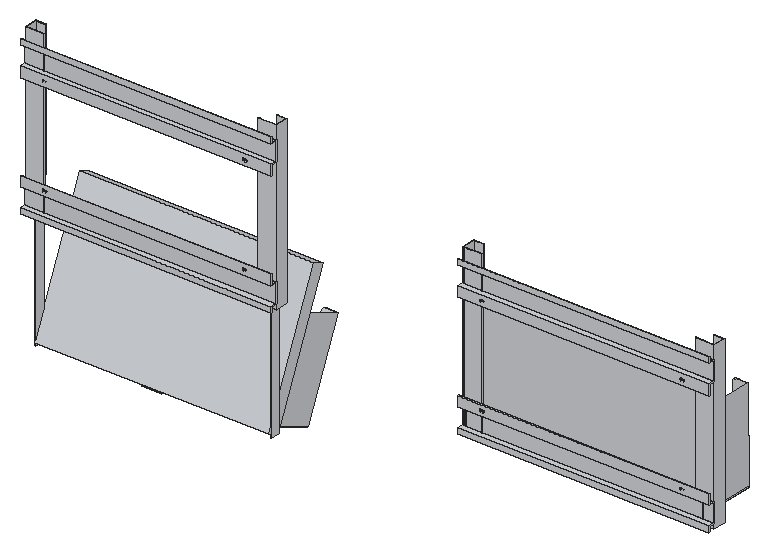
Revit family "AX9094E_0023", category Appareils sanitaires, Revit 2016
Family settings
  Hôte = Mur
  Type d'élément = Normal
  Cote de connecteur circulaire = Utiliser le diamètre
  Numéro OmniClass = 23.75.00.00
  Titre OmniClass = Climate Control (HVAC)
  Toujours verticalement = Oui
  Couper avec des vides une fois chargée = Non
  Partagée = Non
  Point de calcul de pièce = Non
Parameters (values of type "Type 1")
  URL = "https://www.axeuro.com/fr/distributeurs-de-savon-encastres-derriere-le-miroir/25544-distributeur-de-papier-et-distributeur-de-savon-a-encastrer-derriere-un-miroir-ax9094e.html?search_query=ax90&results=13"
  Modèle = "AX9094E"  # constant formula
  Matériaux = "En inox 304 (18/10)"  # constant formula
  Finition = "Brossé Poli Satiné HyperPolish"  # constant formula
  Fabricant = "Axeuro"  # constant formula
  Description = "Combine : distributeur de papier et distributeur de savon"  # constant formula
Reference planes
  plane 1 "Mur": y = 0
  plane 2 "Centre (gauche/droite)": x = 0
  plane 3 "Arrière": y = 75
Forms (mm)
  Extrusion 1, solid
    sketch origin (-128.508, -525.168, -1062.877) x (1, 0, 0) y (0, 0.403028, 0.915188)
      loop
        line (-72.161, 1900.05) -> (-534.501, 1900.05) -> (-534.501, 1622.442) -> (-72.161, 1622.442) -> (-72.161, 1900.05)
    from 18.3 to 42.513
  Extrusion 2, solid
    sketch origin (-248.117, -634.143, -1016.806) x (1, 0, 0) y (0, 0.915188, -0.403028)
      loop
        line (-247.5, 202) -> (-247.5, 100) -> (-217.5, 100) -> (-217.5, 101) -> (-246.5, 101) -> (-246.5, 201) -> (-217.5, 201) -> (-217.5, 202) -> (-247.5, 202)
    from 1630.266 to 1815.266
  Extrusion 3, solid
    sketch origin (-466.117, -634.143, -1016.806) x (-1, 0, 0) y (0, -0.915188, 0.403028)
      loop
        line (-247.5, -202) -> (-217.5, -202) -> (-217.5, -201) -> (-246.5, -201) -> (-246.5, -101) -> (-217.5, -101) -> (-217.5, -100) -> (-247.5, -100) -> (-247.5, -202)
    from 1630.266 to 1815.266
  Extrusion 4, solid
    sketch origin (-453.117, -634.143, -1016.806) x (1, 0, 0) y (0, 0.915188, -0.403028)
      loop
        line (-42.5, 202) -> (-42.5, 100) -> (234.5, 100) -> (234.5, 202) -> (-42.5, 202)
    from 1630.266 to 1631.266
  Extrusion 5, void
    sketch origin (-453.117, -565.504, -1047.033) x (1, 0, 0) y (0, 0.403028, 0.915188)
      loop
        line (212.293, 1815.266) -> (212.293, 1818.897) -> (199.5, 1818.897) -> (199.5, 1807.473) -> (204.5, 1807.473)
        arc (204.5, 1807.473) -> (206.783, 1812.984) -> (212.293, 1815.266) r 7.793
    from -127 to -25
  Extrusion 6, void
    sketch origin (-261.117, -565.504, -1047.033) x (-1, 0, 0) y (0, -0.403028, -0.915188)
      loop
        arc (212.293, -1815.266) -> (206.783, -1812.984) -> (204.5, -1807.473) r 7.793
        line (204.5, -1807.473) -> (199.5, -1807.473) -> (199.5, -1818.897) -> (212.293, -1818.897) -> (212.293, -1815.266)
    from -127 to -25
  Extrusion 7, solid
    sketch origin (-453.117, -565.504, -1047.033) x (1, 0, 0) y (0, 0.403028, 0.915188)
      loop
        line (204.5, 1631.266) -> (204.5, 1645.266) -> (-12.5, 1645.266) -> (-12.5, 1631.266) -> (204.5, 1631.266)
    from -127 to -126
  Extrusion 8, solid
    sketch origin (-472.791, 13, -115) x (0, 1, 0) y (0, 0, 1)
      loop
        line (62, 1091.403) -> (62, 1080.27) -> (74.011, 1080.27) -> (74.011, 1043.363) -> (62, 1043.363) -> (62, 1023.177) -> (63, 1023.177) -> (63, 1042.363) -> (74.787, 1042.363) -> (74.787, 1081.287) -> (63, 1081.287) -> (63, 1091.403) -> (62, 1091.403)
    from -206.545 to 288.448
  Extrusion 9, solid
    sketch origin (-472.791, 13, 1757.62) x (0, 1, 0) y (0, 0, 1)
      loop
        line (62, -1091.403) -> (63, -1091.403) -> (63, -1081.287) -> (74.787, -1081.287) -> (74.787, -1042.363) -> (63, -1042.363) -> (63, -1023.177) -> (62, -1023.177) -> (62, -1043.363) -> (74.011, -1043.363) -> (74.011, -1080.27) -> (62, -1080.27) -> (62, -1091.403)
    from -206.545 to 288.448
  Extrusion 10, solid
    sketch origin (-472.791, -294.398, -245.32) x (0, 0.915188, -0.403028) y (0, 0.403028, 0.915188)
      loop
        line (182.673, 996.87) -> (102, 996.87) -> (102, 869.33) -> (182.673, 869.33) -> (182.673, 996.87)
    from -151.645 to -48.653
  Extrusion 11, solid
    sketch origin (-472.791, -294.398, -245.32) x (1, 0, 0) y (0, 0.915188, -0.403028)
      loop
        circle (-94.158, 150.829) r 21.911
    from 996.934 to 1009.972
  Extrusion 12, solid
    sketch origin (-472.791, -294.398, -245.32) x (0, 0.915188, -0.403028) y (0, 0.403028, 0.915188)
      loop
        line (138.449, 777.269) -> (138.449, 807.147) -> (116.18, 807.147) -> (116.18, 1037.147) -> (100, 1037.147) -> (100, 777.269) -> (138.449, 777.269)
    from -169.773 to -30.488
  Extrusion 13, void
    sketch origin (-472.791, -225.759, -275.547) x (1, 0, 0) y (0, 0.403028, 0.915188)
      loop
        line (-32.488, 779.269) -> (-32.488, 1035.147) -> (-167.773, 1035.147) -> (-167.773, 779.269) -> (-32.488, 779.269)
    from -63.449 to -27
  Extrusion 14, solid
    sketch origin (-472.791, 13, -115) x (1, 0, 0) y (0, 1, 0)
      loop
        line (-206.545, 101) -> (-206.545, 74.787) -> (-169.574, 74.787) -> (-169.574, 75.787) -> (-205.545, 75.787) -> (-205.545, 100) -> (-186.545, 100) -> (-186.545, 101) -> (-206.545, 101)
    from 781.217 to 1107.197
  Extrusion 15, void
    sketch origin (-472.791, 88, -115) x (1, 0, 0) y (0, 0, 1)
      loop
        line (-183.993, 840.915) -> (-201.456, 840.915) -> (-201.456, 792.157) -> (-205.545, 792.157) -> (-205.545, 779.269) -> (-183.993, 779.269) -> (-183.993, 840.915)
    from -27.894 to -0.787
  Extrusion 16, solid
    sketch origin (-390.888, 13, -115) x (-1, 0, 0) y (0, -1, 0)
      loop
        line (-206.545, -101) -> (-186.545, -101) -> (-186.545, -100) -> (-205.545, -100) -> (-205.545, -75.787) -> (-169.574, -75.787) -> (-169.574, -74.787) -> (-206.545, -74.787) -> (-206.545, -101)
    from 781.217 to 1107.197
  Extrusion 17, void
    sketch origin (-390.888, 88, -115) x (-1, 0, 0) y (0, 0, -1)
      loop
        line (-183.993, -840.915) -> (-183.993, -779.269) -> (-205.545, -779.269) -> (-205.545, -792.157) -> (-201.456, -792.157) -> (-201.456, -840.915) -> (-183.993, -840.915)
    from -27.894 to -1
  Extrusion 18, solid
    sketch origin (-472.791, -225.759, -275.547) x (1, 0, 0) y (0, 0.403028, 0.915188)
      loop
        line (-41.688, 866.468) -> (-164.1, 866.468) -> (-164.1, 797.112) -> (-41.688, 797.112) -> (-41.688, 866.468)
    from -105.493 to -27.894
  Extrusion 19, solid
    sketch origin (-472.791, -225.759, -275.547) x (1, 0, 0) y (0, 0.403028, 0.915188)
      loop
        line (-68.238, 797.112) -> (-124.921, 797.112) -> (-124.921, 793.415) -> (-109.288, 793.415) -> (-93.841, 785.173) -> (-68.238, 797.112)
    from -105.493 to -54.671
  Extrusion 20, void
    sketch origin (-472.791, -225.759, -275.547) x (1, 0, 0) y (0, 0.403028, 0.915188)
      loop
        line (-137.189, 850.697) -> (-123.934, 822.272)
        arc (-123.934, 822.272) -> (-119.778, 841.513) -> (-137.189, 850.697) r 16.284
    from -107.828 to -99.857
  Extrusion 21, void
    sketch origin (-740.448, 447.168, 1252.523) x (-1, 0, 0) y (0, -0.403028, -0.915188)
      loop
        line (-137.189, 850.697) -> (-123.934, 822.272)
        arc (-123.934, 822.272) -> (-119.778, 841.513) -> (-137.189, 850.697) r 16.284
    from -107.828 to -99.857
  Extrusion 22, void
    sketch origin (-472.791, -225.759, -275.547) x (1, 0, 0) y (0, 0.403028, 0.915188)
      loop
        circle (-134.065, 834.893) r 22.599
      loop
        circle (-134.065, 834.893) r 23.099
    from -105.493 to -99.857
  Extrusion 23, solid
    sketch origin (-472.791, -294.398, -245.32) x (1, 0, 0) y (0, 0.915188, -0.403028)
      loop
        circle (-93.166, 167.329) r 5.905
      loop
        circle (-93.166, 167.329) r 3.598
    from 782.819 to 789.363
  Extrusion 24, void
    sketch origin (-472.791, -294.398, -245.32) x (1, 0, 0) y (0, 0.915188, -0.403028)
      loop
        line (-167.161, 138.449) -> (-167.161, 108.449) -> (-137.161, 108.449) -> (-137.161, 138.449) -> (-167.161, 138.449)
    from 777.269 to 779.269
  Extrusion 25, solid
    sketch origin (-283.012, -227.941, -280.502) x (1, 0, 0) y (0, 0.403028, 0.915188)
      loop
        line (-273.909, 1033.562) -> (-305.909, 1033.562) -> (-305.909, 1020.562) -> (-273.909, 1020.562) -> (-273.909, 1033.562)
      loop
        line (-275.909, 1031.475) -> (-294.909, 1031.475) -> (-294.909, 1022.476) -> (-275.909, 1022.476) -> (-275.909, 1031.475)
    from -32 to -27
  Extrusion 26, solid
    sketch origin (-485.331, -325.687, -260.41) x (0, 0.915188, -0.403028) y (0, 0.403028, 0.915188)
      loop
        line (125.447, 1029.569) -> (125.447, 1027.569) -> (153.447, 1027.569) -> (153.447, 1020.569) -> (155.447, 1020.569) -> (155.447, 1029.569) -> (125.447, 1029.569)
    from -59.645 to -46.645
  Extrusion 27, solid
    sketch origin (-660.55, -325.687, -260.41) x (0, 0.915188, -0.403028) y (0, -0.403028, -0.915188)
      loop
        line (125.447, -1029.569) -> (155.447, -1029.569) -> (155.447, -1020.569) -> (153.447, -1020.569) -> (153.447, -1027.569) -> (125.447, -1027.569) -> (125.447, -1029.569)
    from -59.645 to -46.645
  Extrusion 28, void
    sketch origin (-357.32, -669.256, -1134.904) x (1, 0, 0) y (0, 0.915188, -0.403028)
      loop
        arc (-115.494, 150) -> (-122.358, 138.752) -> (-115.494, 127.504) r 12.648
        line (-115.494, 127.504) -> (115.494, 127.504)
        arc (115.494, 127.504) -> (122.358, 138.752) -> (115.494, 150) r 12.648
        line (115.494, 150) -> (75.246, 150)
        arc (75.246, 150) -> (61.579, 150.358) -> (47.95, 151.431) r 261.137
        arc (47.95, 151.431) -> (26.164, 166.695) -> (0, 171.504) r 62.43
        arc (0, 171.504) -> (-26.164, 166.695) -> (-47.95, 151.431) r 62.43
        arc (-47.95, 151.431) -> (-61.579, 150.358) -> (-75.246, 150) r 261.137
        line (-75.246, 150) -> (-115.494, 150)
    from 1752.5 to 1753.5
  Extrusion 29, void
    sketch origin (-443.867, 13, -267.718) x (1, 0, 0) y (0, 0, 1)
      loop
        line (-184.46, 1188.488) -> (-189.484, 1188.488)
        arc (-189.484, 1188.488) -> (-191.984, 1185.988) -> (-189.484, 1183.488) r 2.5
        line (-189.484, 1183.488) -> (-184.46, 1183.488)
        arc (-184.46, 1183.488) -> (-181.96, 1185.988) -> (-184.46, 1188.488) r 2.5
    from -63 to -62
  Extrusion 30, void
    sketch origin (-48.867, 13, -267.718) x (1, 0, 0) y (0, 0, 1)
      loop
        line (-184.46, 1188.488) -> (-189.484, 1188.488)
        arc (-189.484, 1188.488) -> (-191.984, 1185.988) -> (-189.484, 1183.488) r 2.5
        line (-189.484, 1183.488) -> (-184.46, 1183.488)
        arc (-184.46, 1183.488) -> (-181.96, 1185.988) -> (-184.46, 1188.488) r 2.5
    from -63 to -62
  Extrusion 31, void
    sketch origin (-443.867, 13, -461.638) x (1, 0, 0) y (0, 0, 1)
      loop
        line (-184.46, 1188.488) -> (-189.484, 1188.488)
        arc (-189.484, 1188.488) -> (-191.984, 1185.988) -> (-189.484, 1183.488) r 2.5
        line (-189.484, 1183.488) -> (-184.46, 1183.488)
        arc (-184.46, 1183.488) -> (-181.96, 1185.988) -> (-184.46, 1188.488) r 2.5
    from -63 to -62
  Extrusion 32, void
    sketch origin (-48.867, 13, -461.638) x (1, 0, 0) y (0, 0, 1)
      loop
        line (-184.46, 1188.488) -> (-189.484, 1188.488)
        arc (-189.484, 1188.488) -> (-191.984, 1185.988) -> (-189.484, 1183.488) r 2.5
        line (-189.484, 1183.488) -> (-184.46, 1183.488)
        arc (-184.46, 1183.488) -> (-181.96, 1185.988) -> (-184.46, 1188.488) r 2.5
    from -63 to -62
  Extrusion 33, void
    sketch origin (-707.228, -330.654, -103.696) x (1, 0, 0) y (0, 0.915188, -0.403028)
      loop
        line (249.885, 185.653) -> (249.885, 170.653) -> (294.885, 170.653) -> (294.885, 185.653) -> (249.885, 185.653)
    from 666.217 to 672.285
  Extrusion 34, solid
    sketch origin (-447.926, -172.447, -173.366) x (1, 0, 0) y (0, 0.403028, 0.915188)
      loop
        line (33.083, 673.285) -> (-6.917, 673.285) -> (-6.917, 662.269) -> (33.083, 662.269) -> (33.083, 673.285)
    from 0 to 1
  Extrusion 35, solid, not visible
    sketch origin (304.831, 131.3, -956.225) x (1, 0, 0) y (0, 0, 1)
      loop
        line (-73.661, 1900.05) -> (-536.889, 1900.05) -> (-536.889, 1622.442) -> (-73.661, 1622.442) -> (-73.661, 1900.05)
    from 18.3 to 43.3
  Extrusion 36, solid, not visible
    sketch origin (185.223, 13, -957.982) x (1, 0, 0) y (0, 1, 0)
      loop
        line (-247.5, 202) -> (-247.5, 100) -> (-217.5, 100) -> (-217.5, 101) -> (-246.5, 101) -> (-246.5, 201) -> (-217.5, 201) -> (-217.5, 202) -> (-247.5, 202)
    from 1630.266 to 1815.266
  Extrusion 37, solid, not visible
    sketch origin (-32.777, 13, -957.982) x (-1, 0, 0) y (0, -1, 0)
      loop
        line (-247.5, -202) -> (-217.5, -202) -> (-217.5, -201) -> (-246.5, -201) -> (-246.5, -101) -> (-217.5, -101) -> (-217.5, -100) -> (-247.5, -100) -> (-247.5, -202)
    from 1630.266 to 1815.266
  Extrusion 38, solid, not visible
    sketch origin (-19.777, 13, -957.982) x (1, 0, 0) y (0, 1, 0)
      loop
        line (-42.5, 202) -> (-42.5, 100) -> (234.5, 100) -> (234.5, 202) -> (-42.5, 202)
    from 1630.266 to 1631.266
  Extrusion 39, void, not visible
    sketch origin (-19.777, 88, -957.982) x (1, 0, 0) y (0, 0, 1)
      loop
        line (212.293, 1815.266) -> (212.293, 1818.897) -> (199.5, 1818.897) -> (199.5, 1807.473) -> (204.5, 1807.473)
        arc (204.5, 1807.473) -> (206.783, 1812.984) -> (212.293, 1815.266) r 7.793
    from -127 to -25
  Extrusion 40, void, not visible
    sketch origin (172.223, 88, -957.982) x (-1, 0, 0) y (0, 0, -1)
      loop
        arc (212.293, -1815.266) -> (206.783, -1812.984) -> (204.5, -1807.473) r 7.793
        line (204.5, -1807.473) -> (199.5, -1807.473) -> (199.5, -1818.897) -> (212.293, -1818.897) -> (212.293, -1815.266)
    from -127 to -25
  Extrusion 41, solid, not visible
    sketch origin (-19.777, 88, -957.982) x (1, 0, 0) y (0, 0, 1)
      loop
        line (204.5, 1631.266) -> (204.5, 1645.266) -> (-12.5, 1645.266) -> (-12.5, 1631.266) -> (204.5, 1631.266)
    from -127 to -126
  Extrusion 42, solid, not visible
    sketch origin (-19.777, 240, -957.982) x (1, 0, 0) y (0, 0, -1)
      loop
        line (204.5, -1631.266) -> (-12.5, -1631.266) -> (-12.5, -1645.266) -> (204.5, -1645.266) -> (204.5, -1631.266)
    from -127 to -126
  Extrusion 43, solid, not visible
    sketch origin (-39.452, 13, -115) x (0, 1, 0) y (0, 0, 1)
      loop
        line (62, 1091.403) -> (62, 1080.27) -> (74.011, 1080.27) -> (74.011, 1043.363) -> (62, 1043.363) -> (62, 1023.177) -> (63, 1023.177) -> (63, 1042.363) -> (74.787, 1042.363) -> (74.787, 1081.287) -> (63, 1081.287) -> (63, 1091.403) -> (62, 1091.403)
    from -206.545 to 285.448
  Extrusion 44, solid, not visible
    sketch origin (-39.452, 13, 1757.62) x (0, 1, 0) y (0, 0, 1)
      loop
        line (62, -1091.403) -> (63, -1091.403) -> (63, -1081.287) -> (74.787, -1081.287) -> (74.787, -1042.363) -> (63, -1042.363) -> (63, -1023.177) -> (62, -1023.177) -> (62, -1043.363) -> (74.011, -1043.363) -> (74.011, -1080.27) -> (62, -1080.27) -> (62, -1091.403)
    from -206.545 to 285.448
  Extrusion 45, solid, not visible
    sketch origin (-39.452, 13, -115) x (0, 1, 0) y (0, 0, 1)
      loop
        line (182.673, 996.87) -> (100, 996.87) -> (100, 869.33) -> (182.673, 869.33) -> (182.673, 996.87)
    from -151.645 to -48.653
  Extrusion 46, solid, not visible
    sketch origin (-39.452, 13, -115) x (1, 0, 0) y (0, 1, 0)
      loop
        circle (-94.158, 150.829) r 21.911
    from 996.934 to 1009.972
  Extrusion 47, solid, not visible
    sketch origin (-39.452, 13, -115) x (0, 1, 0) y (0, 0, 1)
      loop
        line (138.449, 777.269) -> (138.449, 807.147) -> (116.18, 807.147) -> (116.18, 1037.147) -> (100, 1037.147) -> (100, 777.269) -> (138.449, 777.269)
    from -169.773 to -30.488
  Extrusion 48, void, not visible
    sketch origin (-39.452, 88, -115) x (1, 0, 0) y (0, 0, 1)
      loop
        line (-32.488, 779.269) -> (-32.488, 1035.147) -> (-167.773, 1035.147) -> (-167.773, 779.269) -> (-32.488, 779.269)
    from -63.449 to -27
  Extrusion 49, solid, not visible
    sketch origin (-39.452, 13, -115) x (1, 0, 0) y (0, 1, 0)
      loop
        line (-206.545, 101) -> (-206.545, 74.787) -> (-169.574, 74.787) -> (-169.574, 75.787) -> (-205.545, 75.787) -> (-205.545, 100) -> (-186.545, 100) -> (-186.545, 101) -> (-206.545, 101)
    from 781.217 to 1091.403
  Extrusion 50, void, not visible
    sketch origin (-39.452, 88, -115) x (1, 0, 0) y (0, 0, 1)
      loop
        line (-183.993, 840.915) -> (-201.456, 840.915) -> (-201.456, 792.157) -> (-205.545, 792.157) -> (-205.545, 779.269) -> (-183.993, 779.269) -> (-183.993, 840.915)
    from -27.894 to -0.589
  Extrusion 51, solid, not visible
    sketch origin (39.452, 13, -115) x (-1, 0, 0) y (0, -1, 0)
      loop
        line (-206.545, -101) -> (-186.545, -101) -> (-186.545, -100) -> (-205.545, -100) -> (-205.545, -75.787) -> (-169.574, -75.787) -> (-169.574, -74.787) -> (-206.545, -74.787) -> (-206.545, -101)
    from 781.217 to 1091.403
  Extrusion 52, void, not visible
    sketch origin (39.452, 88, -115) x (-1, 0, 0) y (0, 0, -1)
      loop
        line (-183.993, -840.915) -> (-183.993, -779.269) -> (-205.545, -779.269) -> (-205.545, -792.157) -> (-201.456, -792.157) -> (-201.456, -840.915) -> (-183.993, -840.915)
    from -27.894 to -0.589
  Extrusion 53, solid, not visible
    sketch origin (-39.452, 88, -115) x (1, 0, 0) y (0, 0, 1)
      loop
        line (-41.688, 866.468) -> (-164.1, 866.468) -> (-164.1, 797.112) -> (-41.688, 797.112) -> (-41.688, 866.468)
    from -105.493 to -27.894
  Extrusion 54, solid, not visible
    sketch origin (-39.452, 88, -115) x (1, 0, 0) y (0, 0, 1)
      loop
        line (-68.238, 797.112) -> (-124.921, 797.112) -> (-124.921, 793.415) -> (-109.288, 793.415) -> (-93.841, 785.173) -> (-68.238, 797.112)
    from -105.493 to -54.671
  Extrusion 55, void, not visible
    sketch origin (-39.452, 88, -115) x (1, 0, 0) y (0, 0, 1)
      loop
        line (-137.189, 850.697) -> (-123.934, 822.272)
        arc (-123.934, 822.272) -> (-119.778, 841.513) -> (-137.189, 850.697) r 16.284
    from -107.828 to -99.857
  Extrusion 56, void, not visible
    sketch origin (-307.109, 88, 1554.679) x (-1, 0, 0) y (0, 0, -1)
      loop
        line (-137.189, 850.697) -> (-123.934, 822.272)
        arc (-123.934, 822.272) -> (-119.778, 841.513) -> (-137.189, 850.697) r 16.284
    from -107.828 to -99.857
  Extrusion 57, void, not visible
    sketch origin (-39.452, 88, -115) x (1, 0, 0) y (0, 0, 1)
      loop
        circle (-134.065, 834.893) r 22.599
      loop
        circle (-134.065, 834.893) r 23.099
    from -105.493 to -99.857
  Extrusion 58, solid, not visible
    sketch origin (-39.452, 13, -115) x (1, 0, 0) y (0, 1, 0)
      loop
        circle (-93.166, 167.329) r 5.905
      loop
        circle (-93.166, 167.329) r 3.598
    from 782.819 to 789.363
  Extrusion 59, void, not visible
    sketch origin (-39.452, 13, -115) x (1, 0, 0) y (0, 1, 0)
      loop
        line (-167.161, 138.449) -> (-167.161, 108.449) -> (-137.161, 108.449) -> (-137.161, 138.449) -> (-167.161, 138.449)
    from 777.269 to 779.269
  Extrusion 60, solid, not visible
    sketch origin (150.327, 88, -120.415) x (1, 0, 0) y (0, 0, 1)
      loop
        line (-273.909, 1033.562) -> (-305.909, 1033.562) -> (-305.909, 1020.562) -> (-273.909, 1020.562) -> (-273.909, 1033.562)
      loop
        line (-275.909, 1031.475) -> (-294.909, 1031.475) -> (-294.909, 1022.476) -> (-275.909, 1022.476) -> (-275.909, 1031.475)
    from -32 to -27
  Extrusion 61, solid, not visible
    sketch origin (-51.991, -9.553, -141.421) x (0, 1, 0) y (0, 0, 1)
      loop
        line (125.447, 1029.569) -> (125.447, 1027.569) -> (153.447, 1027.569) -> (153.447, 1020.569) -> (155.447, 1020.569) -> (155.447, 1029.569) -> (125.447, 1029.569)
    from -59.645 to -46.645
  Extrusion 62, solid, not visible
    sketch origin (-227.21, -9.553, -141.421) x (0, 1, 0) y (0, 0, -1)
      loop
        line (125.447, -1029.569) -> (155.447, -1029.569) -> (155.447, -1020.569) -> (153.447, -1020.569) -> (153.447, -1027.569) -> (125.447, -1027.569) -> (125.447, -1029.569)
    from -59.645 to -46.645
  Extrusion 63, void, not visible
    sketch origin (76.019, 28.462, -1080.215) x (1, 0, 0) y (0, 1, 0)
      loop
        arc (-115.494, 150) -> (-122.358, 138.752) -> (-115.494, 127.504) r 12.648
        line (-115.494, 127.504) -> (115.494, 127.504)
        arc (115.494, 127.504) -> (122.358, 138.752) -> (115.494, 150) r 12.648
        line (115.494, 150) -> (75.246, 150)
        arc (75.246, 150) -> (61.579, 150.358) -> (47.95, 151.431) r 261.137
        arc (47.95, 151.431) -> (26.164, 166.695) -> (0, 171.504) r 62.43
        arc (0, 171.504) -> (-26.164, 166.695) -> (-47.95, 151.431) r 62.43
        arc (-47.95, 151.431) -> (-61.579, 150.358) -> (-75.246, 150) r 261.137
        line (-75.246, 150) -> (-115.494, 150)
    from 1752.5 to 1753.5
  Extrusion 64, void, not visible
    sketch origin (-10.528, 13, -267.718) x (1, 0, 0) y (0, 0, 1)
      loop
        line (-184.46, 1188.488) -> (-189.484, 1188.488)
        arc (-189.484, 1188.488) -> (-191.984, 1185.988) -> (-189.484, 1183.488) r 2.5
        line (-189.484, 1183.488) -> (-184.46, 1183.488)
        arc (-184.46, 1183.488) -> (-181.96, 1185.988) -> (-184.46, 1188.488) r 2.5
    from -63 to -62
  Extrusion 65, void, not visible
    sketch origin (384.472, 13, -267.718) x (1, 0, 0) y (0, 0, 1)
      loop
        line (-184.46, 1188.488) -> (-189.484, 1188.488)
        arc (-189.484, 1188.488) -> (-191.984, 1185.988) -> (-189.484, 1183.488) r 2.5
        line (-189.484, 1183.488) -> (-184.46, 1183.488)
        arc (-184.46, 1183.488) -> (-181.96, 1185.988) -> (-184.46, 1188.488) r 2.5
    from -63 to -62
  Extrusion 66, void, not visible
    sketch origin (-10.528, 13, -461.638) x (1, 0, 0) y (0, 0, 1)
      loop
        line (-184.46, 1188.488) -> (-189.484, 1188.488)
        arc (-189.484, 1188.488) -> (-191.984, 1185.988) -> (-189.484, 1183.488) r 2.5
        line (-189.484, 1183.488) -> (-184.46, 1183.488)
        arc (-184.46, 1183.488) -> (-181.96, 1185.988) -> (-184.46, 1188.488) r 2.5
    from -63 to -62
  Extrusion 67, void, not visible
    sketch origin (384.472, 13, -461.638) x (1, 0, 0) y (0, 0, 1)
      loop
        line (-184.46, 1188.488) -> (-189.484, 1188.488)
        arc (-189.484, 1188.488) -> (-191.984, 1185.988) -> (-189.484, 1183.488) r 2.5
        line (-189.484, 1183.488) -> (-184.46, 1183.488)
        arc (-184.46, 1183.488) -> (-181.96, 1185.988) -> (-184.46, 1188.488) r 2.5
    from -63 to -62
  Extrusion 68, void, not visible
    sketch origin (-273.888, -77.259, 0) x (1, 0, 0) y (0, 1, 0)
      loop
        line (249.885, 185.653) -> (249.885, 170.653) -> (294.885, 170.653) -> (294.885, 185.653) -> (249.885, 185.653)
    from 666.217 to 672.285
  Extrusion 69, solid, not visible
    sketch origin (-14.586, 95.608, 0) x (1, 0, 0) y (0, 0, 1)
      loop
        line (33.083, 673.285) -> (-6.917, 673.285) -> (-6.917, 662.269) -> (33.083, 662.269) -> (33.083, 673.285)
    from 0 to 1
  Extrusion 70, solid, not visible
    sketch origin (304.831, -530.562, -1049.122) x (1, 0, 0) y (0, 0.405647, 0.91403)
      loop
        line (-73.661, 1900.05) -> (-536.889, 1900.05) -> (-536.889, 1622.442) -> (-73.661, 1622.442) -> (-73.661, 1900.05)
    from 18.3 to 43.3
  Extrusion 71, solid, not visible
    sketch origin (185.223, -639.404, -1002.74) x (1, 0, 0) y (0, 0.91403, -0.405647)
      loop
        line (-247.5, 202) -> (-247.5, 100) -> (-217.5, 100) -> (-217.5, 101) -> (-246.5, 101) -> (-246.5, 201) -> (-217.5, 201) -> (-217.5, 202) -> (-247.5, 202)
    from 1630.266 to 1815.266
  Extrusion 72, solid, not visible
    sketch origin (-32.777, -639.404, -1002.74) x (-1, 0, 0) y (0, -0.91403, 0.405647)
      loop
        line (-247.5, -202) -> (-217.5, -202) -> (-217.5, -201) -> (-246.5, -201) -> (-246.5, -101) -> (-217.5, -101) -> (-217.5, -100) -> (-247.5, -100) -> (-247.5, -202)
    from 1630.266 to 1815.266
  Extrusion 73, solid, not visible
    sketch origin (-19.777, -639.404, -1002.74) x (1, 0, 0) y (0, 0.91403, -0.405647)
      loop
        line (-42.5, 202) -> (-42.5, 100) -> (234.5, 100) -> (234.5, 202) -> (-42.5, 202)
    from 1630.266 to 1631.266
  Extrusion 74, void, not visible
    sketch origin (-19.777, -570.852, -1033.164) x (1, 0, 0) y (0, 0.405647, 0.91403)
      loop
        line (212.293, 1815.266) -> (212.293, 1818.897) -> (199.5, 1818.897) -> (199.5, 1807.473) -> (204.5, 1807.473)
        arc (204.5, 1807.473) -> (206.783, 1812.984) -> (212.293, 1815.266) r 7.793
    from -127 to -25
  Extrusion 75, void, not visible
    sketch origin (172.223, -570.852, -1033.164) x (-1, 0, 0) y (0, -0.405647, -0.91403)
      loop
        arc (212.293, -1815.266) -> (206.783, -1812.984) -> (204.5, -1807.473) r 7.793
        line (204.5, -1807.473) -> (199.5, -1807.473) -> (199.5, -1818.897) -> (212.293, -1818.897) -> (212.293, -1815.266)
    from -127 to -25
  Extrusion 76, solid, not visible
    sketch origin (-19.777, -570.852, -1033.164) x (1, 0, 0) y (0, 0.405647, 0.91403)
      loop
        line (204.5, 1631.266) -> (204.5, 1645.266) -> (-12.5, 1645.266) -> (-12.5, 1631.266) -> (204.5, 1631.266)
    from -127 to -126
  Extrusion 77, solid, not visible
    sketch origin (-19.777, -431.919, -1094.822) x (1, 0, 0) y (0, -0.405647, -0.91403)
      loop
        line (204.5, -1631.266) -> (-12.5, -1631.266) -> (-12.5, -1645.266) -> (204.5, -1645.266) -> (204.5, -1631.266)
    from -127 to -126
  Extrusion 78, solid, not visible
    sketch origin (-39.452, 13, -115) x (0, 1, 0) y (0, 0, 1)
      loop
        line (62, 1091.403) -> (62, 1080.27) -> (74.011, 1080.27) -> (74.011, 1043.363) -> (62, 1043.363) -> (62, 1023.177) -> (63, 1023.177) -> (63, 1042.363) -> (74.787, 1042.363) -> (74.787, 1081.287) -> (63, 1081.287) -> (63, 1091.403) -> (62, 1091.403)
    from -206.545 to 285.448
  Extrusion 79, solid, not visible
    sketch origin (-39.452, 13, 1757.62) x (0, 1, 0) y (0, 0, 1)
      loop
        line (62, -1091.403) -> (63, -1091.403) -> (63, -1081.287) -> (74.787, -1081.287) -> (74.787, -1042.363) -> (63, -1042.363) -> (63, -1023.177) -> (62, -1023.177) -> (62, -1043.363) -> (74.011, -1043.363) -> (74.011, -1080.27) -> (62, -1080.27) -> (62, -1091.403)
    from -206.545 to 285.448
  Extrusion 80, solid, not visible
    sketch origin (-39.452, -297.451, -232.23) x (0, 0.91403, -0.405647) y (0, 0.405647, 0.91403)
      loop
        line (182.673, 996.87) -> (100, 996.87) -> (100, 869.33) -> (182.673, 869.33) -> (182.673, 996.87)
    from -151.645 to -48.653
  Extrusion 81, solid, not visible
    sketch origin (-39.452, -297.451, -232.23) x (1, 0, 0) y (0, 0.91403, -0.405647)
      loop
        circle (-94.158, 150.829) r 21.911
    from 996.934 to 1009.972
  Extrusion 82, solid, not visible
    sketch origin (-39.452, -297.451, -232.23) x (0, 0.91403, -0.405647) y (0, 0.405647, 0.91403)
      loop
        line (138.449, 777.269) -> (138.449, 807.147) -> (116.18, 807.147) -> (116.18, 1037.147) -> (100, 1037.147) -> (100, 777.269) -> (138.449, 777.269)
    from -169.773 to -30.488
  Extrusion 83, void, not visible
    sketch origin (-39.452, -228.899, -262.653) x (1, 0, 0) y (0, 0.405647, 0.91403)
      loop
        line (-32.488, 779.269) -> (-32.488, 1035.147) -> (-167.773, 1035.147) -> (-167.773, 779.269) -> (-32.488, 779.269)
    from -63.449 to -27
  Extrusion 84, solid, not visible
    sketch origin (-39.452, 13, -115) x (1, 0, 0) y (0, 1, 0)
      loop
        line (-206.545, 101) -> (-206.545, 74.787) -> (-169.574, 74.787) -> (-169.574, 75.787) -> (-205.545, 75.787) -> (-205.545, 100) -> (-186.545, 100) -> (-186.545, 101) -> (-206.545, 101)
    from 781.217 to 1091.403
  Extrusion 85, void, not visible
    sketch origin (-39.452, 88, -115) x (1, 0, 0) y (0, 0, 1)
      loop
        line (-183.993, 840.915) -> (-201.456, 840.915) -> (-201.456, 792.157) -> (-205.545, 792.157) -> (-205.545, 779.269) -> (-183.993, 779.269) -> (-183.993, 840.915)
    from -27.894 to -0.787
  Extrusion 86, solid, not visible
    sketch origin (39.452, 13, -115) x (-1, 0, 0) y (0, -1, 0)
      loop
        line (-206.545, -101) -> (-186.545, -101) -> (-186.545, -100) -> (-205.545, -100) -> (-205.545, -75.787) -> (-169.574, -75.787) -> (-169.574, -74.787) -> (-206.545, -74.787) -> (-206.545, -101)
    from 781.217 to 1091.403
  Extrusion 87, void, not visible
    sketch origin (39.452, 88, -115) x (-1, 0, 0) y (0, 0, -1)
      loop
        line (-183.993, -840.915) -> (-183.993, -779.269) -> (-205.545, -779.269) -> (-205.545, -792.157) -> (-201.456, -792.157) -> (-201.456, -840.915) -> (-183.993, -840.915)
    from -27.894 to -0.787
  Extrusion 88, solid, not visible
    sketch origin (-39.452, -228.899, -262.653) x (1, 0, 0) y (0, 0.405647, 0.91403)
      loop
        line (-41.688, 866.468) -> (-164.1, 866.468) -> (-164.1, 797.112) -> (-41.688, 797.112) -> (-41.688, 866.468)
    from -105.493 to -27.894
  Extrusion 89, solid, not visible
    sketch origin (-39.452, -228.899, -262.653) x (1, 0, 0) y (0, 0.405647, 0.91403)
      loop
        line (-68.238, 797.112) -> (-124.921, 797.112) -> (-124.921, 793.415) -> (-109.288, 793.415) -> (-93.841, 785.173) -> (-68.238, 797.112)
    from -105.493 to -54.671
  Extrusion 90, void, not visible
    sketch origin (-39.452, -228.899, -262.653) x (1, 0, 0) y (0, 0.405647, 0.91403)
      loop
        line (-137.189, 850.697) -> (-123.934, 822.272)
        arc (-123.934, 822.272) -> (-119.778, 841.513) -> (-137.189, 850.697) r 16.284
    from -107.828 to -99.857
  Extrusion 91, void, not visible
    sketch origin (-307.109, 448.402, 1263.483) x (-1, 0, 0) y (0, -0.405647, -0.91403)
      loop
        line (-137.189, 850.697) -> (-123.934, 822.272)
        arc (-123.934, 822.272) -> (-119.778, 841.513) -> (-137.189, 850.697) r 16.284
    from -107.828 to -99.857
  Extrusion 92, void, not visible
    sketch origin (-39.452, -228.899, -262.653) x (1, 0, 0) y (0, 0.405647, 0.91403)
      loop
        circle (-134.065, 834.893) r 22.599
      loop
        circle (-134.065, 834.893) r 23.099
    from -105.493 to -99.857
  Extrusion 93, solid, not visible
    sketch origin (-39.452, -297.451, -232.23) x (1, 0, 0) y (0, 0.91403, -0.405647)
      loop
        circle (-93.166, 167.329) r 5.905
      loop
        circle (-93.166, 167.329) r 3.598
    from 782.819 to 789.363
  Extrusion 94, void, not visible
    sketch origin (-39.452, -297.451, -232.23) x (1, 0, 0) y (0, 0.91403, -0.405647)
      loop
        line (-167.161, 138.449) -> (-167.161, 108.449) -> (-137.161, 108.449) -> (-137.161, 138.449) -> (-167.161, 138.449)
    from 777.269 to 779.269
  Extrusion 95, solid, not visible
    sketch origin (150.327, -231.095, -267.602) x (1, 0, 0) y (0, 0.405647, 0.91403)
      loop
        line (-273.909, 1033.562) -> (-305.909, 1033.562) -> (-305.909, 1020.562) -> (-273.909, 1020.562) -> (-273.909, 1033.562)
      loop
        line (-275.909, 1031.475) -> (-294.909, 1031.475) -> (-294.909, 1022.476) -> (-275.909, 1022.476) -> (-275.909, 1031.475)
    from -32 to -27
  Extrusion 96, solid, not visible
    sketch origin (-51.991, -328.783, -247.231) x (0, 0.91403, -0.405647) y (0, 0.405647, 0.91403)
      loop
        line (125.447, 1029.569) -> (125.447, 1027.569) -> (153.447, 1027.569) -> (153.447, 1020.569) -> (155.447, 1020.569) -> (155.447, 1029.569) -> (125.447, 1029.569)
    from -59.645 to -46.645
  Extrusion 97, solid, not visible
    sketch origin (-227.21, -328.783, -247.231) x (0, 0.91403, -0.405647) y (0, -0.405647, -0.91403)
      loop
        line (125.447, -1029.569) -> (205.227, -1029.569) -> (205.227, -1020.569) -> (153.447, -1020.569) -> (153.447, -1027.569) -> (125.447, -1027.569) -> (125.447, -1029.569)
    from -59.645 to -46.645
  Extrusion 98, void, not visible
    sketch origin (76.019, -674.855, -1120.737) x (1, 0, 0) y (0, 0.91403, -0.405647)
      loop
        arc (-115.494, 150) -> (-122.358, 138.752) -> (-115.494, 127.504) r 12.648
        line (-115.494, 127.504) -> (115.494, 127.504)
        arc (115.494, 127.504) -> (122.358, 138.752) -> (115.494, 150) r 12.648
        line (115.494, 150) -> (75.246, 150)
        arc (75.246, 150) -> (61.579, 150.358) -> (47.95, 151.431) r 261.137
        arc (47.95, 151.431) -> (26.164, 166.695) -> (0, 171.504) r 62.43
        arc (0, 171.504) -> (-26.164, 166.695) -> (-47.95, 151.431) r 62.43
        arc (-47.95, 151.431) -> (-61.579, 150.358) -> (-75.246, 150) r 261.137
        line (-75.246, 150) -> (-115.494, 150)
    from 1752.5 to 1753.5
  Extrusion 99, void, not visible
    sketch origin (-10.528, 13, -267.718) x (1, 0, 0) y (0, 0, 1)
      loop
        line (-184.46, 1188.488) -> (-189.484, 1188.488)
        arc (-189.484, 1188.488) -> (-191.984, 1185.988) -> (-189.484, 1183.488) r 2.5
        line (-189.484, 1183.488) -> (-184.46, 1183.488)
        arc (-184.46, 1183.488) -> (-181.96, 1185.988) -> (-184.46, 1188.488) r 2.5
    from -63 to -62
  Extrusion 100, void, not visible
    sketch origin (384.472, 13, -267.718) x (1, 0, 0) y (0, 0, 1)
      loop
        line (-184.46, 1188.488) -> (-189.484, 1188.488)
        arc (-189.484, 1188.488) -> (-191.984, 1185.988) -> (-189.484, 1183.488) r 2.5
        line (-189.484, 1183.488) -> (-184.46, 1183.488)
        arc (-184.46, 1183.488) -> (-181.96, 1185.988) -> (-184.46, 1188.488) r 2.5
    from -63 to -62
  Extrusion 101, void, not visible
    sketch origin (-10.528, 13, -461.638) x (1, 0, 0) y (0, 0, 1)
      loop
        line (-184.46, 1188.488) -> (-189.484, 1188.488)
        arc (-189.484, 1188.488) -> (-191.984, 1185.988) -> (-189.484, 1183.488) r 2.5
        line (-189.484, 1183.488) -> (-184.46, 1183.488)
        arc (-184.46, 1183.488) -> (-181.96, 1185.988) -> (-184.46, 1188.488) r 2.5
    from -63 to -62
  Extrusion 102, void, not visible
    sketch origin (384.472, 13, -461.638) x (1, 0, 0) y (0, 0, 1)
      loop
        line (-184.46, 1188.488) -> (-189.484, 1188.488)
        arc (-189.484, 1188.488) -> (-191.984, 1185.988) -> (-189.484, 1183.488) r 2.5
        line (-189.484, 1183.488) -> (-184.46, 1183.488)
        arc (-184.46, 1183.488) -> (-181.96, 1185.988) -> (-184.46, 1188.488) r 2.5
    from -63 to -62
  Extrusion 103, void, not visible
    sketch origin (-273.888, -333.301, -90.503) x (1, 0, 0) y (0, 0.91403, -0.405647)
      loop
        line (249.885, 185.653) -> (249.885, 170.653) -> (294.885, 170.653) -> (294.885, 185.653) -> (249.885, 185.653)
    from 666.217 to 672.285
  Extrusion 104, solid, not visible
    sketch origin (-14.586, -175.295, -160.626) x (1, 0, 0) y (0, 0.405647, 0.91403)
      loop
        line (33.083, 673.285) -> (-6.917, 673.285) -> (-6.917, 662.269) -> (33.083, 662.269) -> (33.083, 673.285)
    from 0 to 1
  Extrusion 105, solid, not visible
    sketch origin (-436.087, 112, 0) x (1, 0, 0) y (0, 0, 1)
      loop
        line (669.257, 814.658) -> (667.257, 814.658) -> (667.257, 450.109) -> (669.257, 450.109) -> (669.257, 814.658)
    from 0 to 18
  Extrusion 106, solid, not visible
    sketch origin (436.087, 112, 0) x (-1, 0, 0) y (0, 0, -1)
      loop
        line (669.257, -814.658) -> (669.257, -450.109) -> (667.257, -450.109) -> (667.257, -814.658) -> (669.257, -814.658)
    from 0 to 18
  Extrusion 107, solid, not visible
    sketch origin (-57.754, 131.3, -956.225) x (1, 0, 0) y (0, 0, 1)
      loop
        line (-73.661, 1900.05) -> (-536.889, 1900.05) -> (-536.889, 1622.442) -> (-73.661, 1622.442) -> (-73.661, 1900.05)
    from 18.3 to 43.3
  Extrusion 108, solid, not visible
    sketch origin (-177.362, 13, -957.982) x (1, 0, 0) y (0, 1, 0)
      loop
        line (-247.5, 202) -> (-247.5, 100) -> (-217.5, 100) -> (-217.5, 101) -> (-246.5, 101) -> (-246.5, 201) -> (-217.5, 201) -> (-217.5, 202) -> (-247.5, 202)
    from 1630.266 to 1815.266
  Extrusion 109, solid, not visible
    sketch origin (-395.362, 13, -957.982) x (-1, 0, 0) y (0, -1, 0)
      loop
        line (-247.5, -202) -> (-217.5, -202) -> (-217.5, -201) -> (-246.5, -201) -> (-246.5, -101) -> (-217.5, -101) -> (-217.5, -100) -> (-247.5, -100) -> (-247.5, -202)
    from 1630.266 to 1815.266
  Extrusion 110, solid, not visible
    sketch origin (-382.362, 13, -957.982) x (1, 0, 0) y (0, 1, 0)
      loop
        line (-42.5, 202) -> (-42.5, 100) -> (234.5, 100) -> (234.5, 202) -> (-42.5, 202)
    from 1630.266 to 1631.266
  Extrusion 111, void, not visible
    sketch origin (-382.362, 88, -957.982) x (1, 0, 0) y (0, 0, 1)
      loop
        line (212.293, 1815.266) -> (212.293, 1818.897) -> (199.5, 1818.897) -> (199.5, 1807.473) -> (204.5, 1807.473)
        arc (204.5, 1807.473) -> (206.783, 1812.984) -> (212.293, 1815.266) r 7.793
    from -127 to -25
  Extrusion 112, void, not visible
    sketch origin (-190.362, 88, -957.982) x (-1, 0, 0) y (0, 0, -1)
      loop
        arc (212.293, -1815.266) -> (206.783, -1812.984) -> (204.5, -1807.473) r 7.793
        line (204.5, -1807.473) -> (199.5, -1807.473) -> (199.5, -1818.897) -> (212.293, -1818.897) -> (212.293, -1815.266)
    from -127 to -25
  Extrusion 113, solid, not visible
    sketch origin (-382.362, 88, -957.982) x (1, 0, 0) y (0, 0, 1)
      loop
        line (204.5, 1631.266) -> (204.5, 1645.266) -> (-12.5, 1645.266) -> (-12.5, 1631.266) -> (204.5, 1631.266)
    from -127 to -126
  Extrusion 114, solid, not visible
    sketch origin (-382.362, 240, -957.982) x (1, 0, 0) y (0, 0, -1)
      loop
        line (204.5, -1631.266) -> (-12.5, -1631.266) -> (-12.5, -1645.266) -> (204.5, -1645.266) -> (204.5, -1631.266)
    from -127 to -126
  Extrusion 115, solid, not visible
    sketch origin (-402.036, 13, -115) x (0, 1, 0) y (0, 0, 1)
      loop
        line (62, 1091.403) -> (62, 1080.27) -> (74.011, 1080.27) -> (74.011, 1043.363) -> (62, 1043.363) -> (62, 1023.177) -> (63, 1023.177) -> (63, 1042.363) -> (74.787, 1042.363) -> (74.787, 1081.287) -> (63, 1081.287) -> (63, 1091.403) -> (62, 1091.403)
    from -206.545 to 285.448
  Extrusion 116, solid, not visible
    sketch origin (-402.036, 13, 1757.62) x (0, 1, 0) y (0, 0, 1)
      loop
        line (62, -1091.403) -> (63, -1091.403) -> (63, -1081.287) -> (74.787, -1081.287) -> (74.787, -1042.363) -> (63, -1042.363) -> (63, -1023.177) -> (62, -1023.177) -> (62, -1043.363) -> (74.011, -1043.363) -> (74.011, -1080.27) -> (62, -1080.27) -> (62, -1091.403)
    from -206.545 to 285.448
  Extrusion 117, solid, not visible
    sketch origin (-402.036, 13, -115) x (0, 1, 0) y (0, 0, 1)
      loop
        line (182.673, 996.87) -> (100, 996.87) -> (100, 869.33) -> (182.673, 869.33) -> (182.673, 996.87)
    from -151.645 to -48.653
  Extrusion 118, solid, not visible
    sketch origin (-402.036, 13, -115) x (1, 0, 0) y (0, 1, 0)
      loop
        circle (-94.158, 150.829) r 21.911
    from 996.934 to 1009.972
  Extrusion 119, solid, not visible
    sketch origin (-402.036, 13, -115) x (0, 1, 0) y (0, 0, 1)
      loop
        line (138.449, 777.269) -> (138.449, 807.147) -> (116.18, 807.147) -> (116.18, 1037.147) -> (100, 1037.147) -> (100, 777.269) -> (138.449, 777.269)
    from -169.773 to -30.488
  Extrusion 120, void, not visible
    sketch origin (-402.036, 88, -115) x (1, 0, 0) y (0, 0, 1)
      loop
        line (-32.488, 779.269) -> (-32.488, 1035.147) -> (-167.773, 1035.147) -> (-167.773, 779.269) -> (-32.488, 779.269)
    from -63.449 to -27
  Extrusion 121, solid, not visible
    sketch origin (-402.036, 13, -115) x (1, 0, 0) y (0, 1, 0)
      loop
        line (-206.545, 101) -> (-206.545, 74.787) -> (-169.574, 74.787) -> (-169.574, 75.787) -> (-205.545, 75.787) -> (-205.545, 100) -> (-186.545, 100) -> (-186.545, 101) -> (-206.545, 101)
    from 781.217 to 1091.403
  Extrusion 122, void, not visible
    sketch origin (-402.036, 88, -115) x (1, 0, 0) y (0, 0, 1)
      loop
        line (-183.993, 840.915) -> (-201.456, 840.915) -> (-201.456, 792.157) -> (-205.545, 792.157) -> (-205.545, 779.269) -> (-183.993, 779.269) -> (-183.993, 840.915)
    from -27.894 to -0.589
  Extrusion 123, solid, not visible
    sketch origin (-323.133, 13, -115) x (-1, 0, 0) y (0, -1, 0)
      loop
        line (-206.545, -101) -> (-186.545, -101) -> (-186.545, -100) -> (-205.545, -100) -> (-205.545, -75.787) -> (-169.574, -75.787) -> (-169.574, -74.787) -> (-206.545, -74.787) -> (-206.545, -101)
    from 781.217 to 1091.403
  Extrusion 124, void, not visible
    sketch origin (-323.133, 88, -115) x (-1, 0, 0) y (0, 0, -1)
      loop
        line (-183.993, -840.915) -> (-183.993, -779.269) -> (-205.545, -779.269) -> (-205.545, -792.157) -> (-201.456, -792.157) -> (-201.456, -840.915) -> (-183.993, -840.915)
    from -27.894 to -0.589
  Extrusion 125, solid, not visible
    sketch origin (-402.036, 88, -115) x (1, 0, 0) y (0, 0, 1)
      loop
        line (-41.688, 866.468) -> (-164.1, 866.468) -> (-164.1, 797.112) -> (-41.688, 797.112) -> (-41.688, 866.468)
    from -105.493 to -27.894
  Extrusion 126, solid, not visible
    sketch origin (-402.036, 88, -115) x (1, 0, 0) y (0, 0, 1)
      loop
        line (-68.238, 797.112) -> (-124.921, 797.112) -> (-124.921, 793.415) -> (-109.288, 793.415) -> (-93.841, 785.173) -> (-68.238, 797.112)
    from -105.493 to -54.671
  Extrusion 127, void, not visible
    sketch origin (-402.036, 88, -115) x (1, 0, 0) y (0, 0, 1)
      loop
        line (-137.189, 850.697) -> (-123.934, 822.272)
        arc (-123.934, 822.272) -> (-119.778, 841.513) -> (-137.189, 850.697) r 16.284
    from -107.828 to -99.857
  Extrusion 128, void, not visible
    sketch origin (-669.693, 88, 1554.679) x (-1, 0, 0) y (0, 0, -1)
      loop
        line (-137.189, 850.697) -> (-123.934, 822.272)
        arc (-123.934, 822.272) -> (-119.778, 841.513) -> (-137.189, 850.697) r 16.284
    from -107.828 to -99.857
  Extrusion 129, void, not visible
    sketch origin (-402.036, 88, -115) x (1, 0, 0) y (0, 0, 1)
      loop
        circle (-134.065, 834.893) r 22.599
      loop
        circle (-134.065, 834.893) r 23.099
    from -105.493 to -99.857
  Extrusion 130, solid, not visible
    sketch origin (-402.036, 13, -115) x (1, 0, 0) y (0, 1, 0)
      loop
        circle (-93.166, 167.329) r 5.905
      loop
        circle (-93.166, 167.329) r 3.598
    from 782.819 to 789.363
  Extrusion 131, void, not visible
    sketch origin (-402.036, 13, -115) x (1, 0, 0) y (0, 1, 0)
      loop
        line (-167.161, 138.449) -> (-167.161, 108.449) -> (-137.161, 108.449) -> (-137.161, 138.449) -> (-167.161, 138.449)
    from 777.269 to 779.269
  Extrusion 132, void, not visible
    sketch origin (-286.565, 28.462, -1080.215) x (1, 0, 0) y (0, 1, 0)
      loop
        arc (-115.494, 150) -> (-122.358, 138.752) -> (-115.494, 127.504) r 12.648
        line (-115.494, 127.504) -> (115.494, 127.504)
        arc (115.494, 127.504) -> (122.358, 138.752) -> (115.494, 150) r 12.648
        line (115.494, 150) -> (75.246, 150)
        arc (75.246, 150) -> (61.579, 150.358) -> (47.95, 151.431) r 261.137
        arc (47.95, 151.431) -> (26.164, 166.695) -> (0, 171.504) r 62.43
        arc (0, 171.504) -> (-26.164, 166.695) -> (-47.95, 151.431) r 62.43
        arc (-47.95, 151.431) -> (-61.579, 150.358) -> (-75.246, 150) r 261.137
        line (-75.246, 150) -> (-115.494, 150)
    from 1752.5 to 1753.5
  Extrusion 133, void, not visible
    sketch origin (-373.112, 13, -267.718) x (1, 0, 0) y (0, 0, 1)
      loop
        line (-184.46, 1188.488) -> (-189.484, 1188.488)
        arc (-189.484, 1188.488) -> (-191.984, 1185.988) -> (-189.484, 1183.488) r 2.5
        line (-189.484, 1183.488) -> (-184.46, 1183.488)
        arc (-184.46, 1183.488) -> (-181.96, 1185.988) -> (-184.46, 1188.488) r 2.5
    from -63 to -62
  Extrusion 134, void, not visible
    sketch origin (21.888, 13, -267.718) x (1, 0, 0) y (0, 0, 1)
      loop
        line (-184.46, 1188.488) -> (-189.484, 1188.488)
        arc (-189.484, 1188.488) -> (-191.984, 1185.988) -> (-189.484, 1183.488) r 2.5
        line (-189.484, 1183.488) -> (-184.46, 1183.488)
        arc (-184.46, 1183.488) -> (-181.96, 1185.988) -> (-184.46, 1188.488) r 2.5
    from -63 to -62
  Extrusion 135, void, not visible
    sketch origin (-373.112, 13, -461.638) x (1, 0, 0) y (0, 0, 1)
      loop
        line (-184.46, 1188.488) -> (-189.484, 1188.488)
        arc (-189.484, 1188.488) -> (-191.984, 1185.988) -> (-189.484, 1183.488) r 2.5
        line (-189.484, 1183.488) -> (-184.46, 1183.488)
        arc (-184.46, 1183.488) -> (-181.96, 1185.988) -> (-184.46, 1188.488) r 2.5
    from -63 to -62
  Extrusion 136, void, not visible
    sketch origin (21.888, 13, -461.638) x (1, 0, 0) y (0, 0, 1)
      loop
        line (-184.46, 1188.488) -> (-189.484, 1188.488)
        arc (-189.484, 1188.488) -> (-191.984, 1185.988) -> (-189.484, 1183.488) r 2.5
        line (-189.484, 1183.488) -> (-184.46, 1183.488)
        arc (-184.46, 1183.488) -> (-181.96, 1185.988) -> (-184.46, 1188.488) r 2.5
    from -63 to -62
  Extrusion 137, void, not visible
    sketch origin (-636.473, -77.259, 0) x (1, 0, 0) y (0, 1, 0)
      loop
        line (249.885, 185.653) -> (249.885, 170.653) -> (294.885, 170.653) -> (294.885, 185.653) -> (249.885, 185.653)
    from 666.217 to 672.285
  Extrusion 138, solid, not visible
    sketch origin (-377.171, 95.608, 0) x (1, 0, 0) y (0, 0, 1)
      loop
        line (33.083, 673.285) -> (-6.917, 673.285) -> (-6.917, 662.269) -> (33.083, 662.269) -> (33.083, 673.285)
    from 0 to 1
  Extrusion 139, solid, not visible
    sketch origin (669.835, -530.562, -1049.122) x (1, 0, 0) y (0, 0.405647, 0.91403)
      loop
        line (-73.661, 1900.05) -> (-536.889, 1900.05) -> (-536.889, 1622.442) -> (-73.661, 1622.442) -> (-73.661, 1900.05)
    from 18.3 to 43.3
  Extrusion 140, solid, not visible
    sketch origin (550.226, -639.404, -1002.74) x (1, 0, 0) y (0, 0.91403, -0.405647)
      loop
        line (-247.5, 202) -> (-247.5, 100) -> (-217.5, 100) -> (-217.5, 101) -> (-246.5, 101) -> (-246.5, 201) -> (-217.5, 201) -> (-217.5, 202) -> (-247.5, 202)
    from 1630.266 to 1815.266
  Extrusion 141, solid, not visible
    sketch origin (332.226, -639.404, -1002.74) x (-1, 0, 0) y (0, -0.91403, 0.405647)
      loop
        line (-247.5, -202) -> (-217.5, -202) -> (-217.5, -201) -> (-246.5, -201) -> (-246.5, -101) -> (-217.5, -101) -> (-217.5, -100) -> (-247.5, -100) -> (-247.5, -202)
    from 1630.266 to 1815.266
  Extrusion 142, solid, not visible
    sketch origin (345.226, -639.404, -1002.74) x (1, 0, 0) y (0, 0.91403, -0.405647)
      loop
        line (-42.5, 202) -> (-42.5, 100) -> (234.5, 100) -> (234.5, 202) -> (-42.5, 202)
    from 1630.266 to 1631.266
  Extrusion 143, void, not visible
    sketch origin (345.226, -570.852, -1033.164) x (1, 0, 0) y (0, 0.405647, 0.91403)
      loop
        line (212.293, 1815.266) -> (212.293, 1818.897) -> (199.5, 1818.897) -> (199.5, 1807.473) -> (204.5, 1807.473)
        arc (204.5, 1807.473) -> (206.783, 1812.984) -> (212.293, 1815.266) r 7.793
    from -127 to -25
  Extrusion 144, void, not visible
    sketch origin (537.226, -570.852, -1033.164) x (-1, 0, 0) y (0, -0.405647, -0.91403)
      loop
        arc (212.293, -1815.266) -> (206.783, -1812.984) -> (204.5, -1807.473) r 7.793
        line (204.5, -1807.473) -> (199.5, -1807.473) -> (199.5, -1818.897) -> (212.293, -1818.897) -> (212.293, -1815.266)
    from -127 to -25
  Extrusion 145, solid, not visible
    sketch origin (345.226, -570.852, -1033.164) x (1, 0, 0) y (0, 0.405647, 0.91403)
      loop
        line (204.5, 1631.266) -> (204.5, 1645.266) -> (-12.5, 1645.266) -> (-12.5, 1631.266) -> (204.5, 1631.266)
    from -127 to -126
  Extrusion 146, solid, not visible
    sketch origin (345.226, -431.919, -1094.822) x (1, 0, 0) y (0, -0.405647, -0.91403)
      loop
        line (204.5, -1631.266) -> (-12.5, -1631.266) -> (-12.5, -1645.266) -> (204.5, -1645.266) -> (204.5, -1631.266)
    from -127 to -126
  Extrusion 147, solid, not visible
    sketch origin (325.552, 13, -115) x (0, 1, 0) y (0, 0, 1)
      loop
        line (62, 1091.403) -> (62, 1080.27) -> (74.011, 1080.27) -> (74.011, 1043.363) -> (62, 1043.363) -> (62, 1023.177) -> (63, 1023.177) -> (63, 1042.363) -> (74.787, 1042.363) -> (74.787, 1081.287) -> (63, 1081.287) -> (63, 1091.403) -> (62, 1091.403)
    from -206.545 to 285.448
  Extrusion 148, solid, not visible
    sketch origin (325.552, 13, 1757.62) x (0, 1, 0) y (0, 0, 1)
      loop
        line (62, -1091.403) -> (63, -1091.403) -> (63, -1081.287) -> (74.787, -1081.287) -> (74.787, -1042.363) -> (63, -1042.363) -> (63, -1023.177) -> (62, -1023.177) -> (62, -1043.363) -> (74.011, -1043.363) -> (74.011, -1080.27) -> (62, -1080.27) -> (62, -1091.403)
    from -206.545 to 285.448
  Extrusion 149, solid, not visible
    sketch origin (325.552, -297.451, -232.23) x (0, 0.91403, -0.405647) y (0, 0.405647, 0.91403)
      loop
        line (182.673, 996.87) -> (100, 996.87) -> (100, 869.33) -> (182.673, 869.33) -> (182.673, 996.87)
    from -151.645 to -48.653
  Extrusion 150, solid, not visible
    sketch origin (325.552, -297.451, -232.23) x (1, 0, 0) y (0, 0.91403, -0.405647)
      loop
        circle (-94.158, 150.829) r 21.911
    from 996.934 to 1009.972
  Extrusion 151, solid, not visible
    sketch origin (325.552, -297.451, -232.23) x (0, 0.91403, -0.405647) y (0, 0.405647, 0.91403)
      loop
        line (138.449, 777.269) -> (138.449, 807.147) -> (116.18, 807.147) -> (116.18, 1037.147) -> (100, 1037.147) -> (100, 777.269) -> (138.449, 777.269)
    from -169.773 to -30.488
  Extrusion 152, void, not visible
    sketch origin (325.552, -228.899, -262.653) x (1, 0, 0) y (0, 0.405647, 0.91403)
      loop
        line (-32.488, 779.269) -> (-32.488, 1035.147) -> (-167.773, 1035.147) -> (-167.773, 779.269) -> (-32.488, 779.269)
    from -63.449 to -27
  Extrusion 153, solid, not visible
    sketch origin (325.552, 13, -115) x (1, 0, 0) y (0, 1, 0)
      loop
        line (-206.545, 101) -> (-206.545, 74.787) -> (-169.574, 74.787) -> (-169.574, 75.787) -> (-205.545, 75.787) -> (-205.545, 100) -> (-186.545, 100) -> (-186.545, 101) -> (-206.545, 101)
    from 781.217 to 1091.403
  Extrusion 154, void, not visible
    sketch origin (325.552, 88, -115) x (1, 0, 0) y (0, 0, 1)
      loop
        line (-183.993, 840.915) -> (-201.456, 840.915) -> (-201.456, 792.157) -> (-205.545, 792.157) -> (-205.545, 779.269) -> (-183.993, 779.269) -> (-183.993, 840.915)
    from -27.894 to -0.787
  Extrusion 155, solid, not visible
    sketch origin (404.455, 13, -115) x (-1, 0, 0) y (0, -1, 0)
      loop
        line (-206.545, -101) -> (-186.545, -101) -> (-186.545, -100) -> (-205.545, -100) -> (-205.545, -75.787) -> (-169.574, -75.787) -> (-169.574, -74.787) -> (-206.545, -74.787) -> (-206.545, -101)
    from 781.217 to 1091.403
  Extrusion 156, void, not visible
    sketch origin (404.455, 88, -115) x (-1, 0, 0) y (0, 0, -1)
      loop
        line (-183.993, -840.915) -> (-183.993, -779.269) -> (-205.545, -779.269) -> (-205.545, -792.157) -> (-201.456, -792.157) -> (-201.456, -840.915) -> (-183.993, -840.915)
    from -27.894 to -0.787
  Extrusion 157, solid, not visible
    sketch origin (325.552, -228.899, -262.653) x (1, 0, 0) y (0, 0.405647, 0.91403)
      loop
        line (-41.688, 866.468) -> (-164.1, 866.468) -> (-164.1, 797.112) -> (-41.688, 797.112) -> (-41.688, 866.468)
    from -105.493 to -27.894
  Extrusion 158, solid, not visible
    sketch origin (325.552, -228.899, -262.653) x (1, 0, 0) y (0, 0.405647, 0.91403)
      loop
        line (-68.238, 797.112) -> (-124.921, 797.112) -> (-124.921, 793.415) -> (-109.288, 793.415) -> (-93.841, 785.173) -> (-68.238, 797.112)
    from -105.493 to -54.671
  Extrusion 159, void, not visible
    sketch origin (325.552, -228.899, -262.653) x (1, 0, 0) y (0, 0.405647, 0.91403)
      loop
        line (-137.189, 850.697) -> (-123.934, 822.272)
        arc (-123.934, 822.272) -> (-119.778, 841.513) -> (-137.189, 850.697) r 16.284
    from -107.828 to -99.857
  Extrusion 160, void, not visible
    sketch origin (57.895, 448.402, 1263.483) x (-1, 0, 0) y (0, -0.405647, -0.91403)
      loop
        line (-137.189, 850.697) -> (-123.934, 822.272)
        arc (-123.934, 822.272) -> (-119.778, 841.513) -> (-137.189, 850.697) r 16.284
    from -107.828 to -99.857
  Extrusion 161, void, not visible
    sketch origin (325.552, -228.899, -262.653) x (1, 0, 0) y (0, 0.405647, 0.91403)
      loop
        circle (-134.065, 834.893) r 22.599
      loop
        circle (-134.065, 834.893) r 23.099
    from -105.493 to -99.857
  Extrusion 162, solid, not visible
    sketch origin (325.552, -297.451, -232.23) x (1, 0, 0) y (0, 0.91403, -0.405647)
      loop
        circle (-93.166, 167.329) r 5.905
      loop
        circle (-93.166, 167.329) r 3.598
    from 782.819 to 789.363
  Extrusion 163, void, not visible
    sketch origin (325.552, -297.451, -232.23) x (1, 0, 0) y (0, 0.91403, -0.405647)
      loop
        line (-167.161, 138.449) -> (-167.161, 108.449) -> (-137.161, 108.449) -> (-137.161, 138.449) -> (-167.161, 138.449)
    from 777.269 to 779.269
  Extrusion 164, solid, not visible
    sketch origin (515.331, -231.095, -267.602) x (1, 0, 0) y (0, 0.405647, 0.91403)
      loop
        line (-273.909, 1033.562) -> (-305.909, 1033.562) -> (-305.909, 1020.562) -> (-273.909, 1020.562) -> (-273.909, 1033.562)
      loop
        line (-275.909, 1031.475) -> (-294.909, 1031.475) -> (-294.909, 1022.476) -> (-275.909, 1022.476) -> (-275.909, 1031.475)
    from -32 to -27
  Extrusion 165, solid, not visible
    sketch origin (313.012, -328.783, -247.231) x (0, 0.91403, -0.405647) y (0, 0.405647, 0.91403)
      loop
        line (125.447, 1029.569) -> (125.447, 1027.569) -> (153.447, 1027.569) -> (153.447, 1020.569) -> (155.447, 1020.569) -> (155.447, 1029.569) -> (125.447, 1029.569)
    from -59.645 to -46.645
  Extrusion 166, solid, not visible
    sketch origin (137.793, -328.783, -247.231) x (0, 0.91403, -0.405647) y (0, -0.405647, -0.91403)
      loop
        line (125.447, -1029.569) -> (205.227, -1029.569) -> (205.227, -1020.569) -> (153.447, -1020.569) -> (153.447, -1027.569) -> (125.447, -1027.569) -> (125.447, -1029.569)
    from -59.645 to -46.645
  Extrusion 167, void, not visible
    sketch origin (441.023, -674.855, -1120.737) x (1, 0, 0) y (0, 0.91403, -0.405647)
      loop
        arc (-115.494, 150) -> (-122.358, 138.752) -> (-115.494, 127.504) r 12.648
        line (-115.494, 127.504) -> (115.494, 127.504)
        arc (115.494, 127.504) -> (122.358, 138.752) -> (115.494, 150) r 12.648
        line (115.494, 150) -> (75.246, 150)
        arc (75.246, 150) -> (61.579, 150.358) -> (47.95, 151.431) r 261.137
        arc (47.95, 151.431) -> (26.164, 166.695) -> (0, 171.504) r 62.43
        arc (0, 171.504) -> (-26.164, 166.695) -> (-47.95, 151.431) r 62.43
        arc (-47.95, 151.431) -> (-61.579, 150.358) -> (-75.246, 150) r 261.137
        line (-75.246, 150) -> (-115.494, 150)
    from 1752.5 to 1753.5
  Extrusion 168, void, not visible
    sketch origin (354.476, 13, -267.718) x (1, 0, 0) y (0, 0, 1)
      loop
        line (-184.46, 1188.488) -> (-189.484, 1188.488)
        arc (-189.484, 1188.488) -> (-191.984, 1185.988) -> (-189.484, 1183.488) r 2.5
        line (-189.484, 1183.488) -> (-184.46, 1183.488)
        arc (-184.46, 1183.488) -> (-181.96, 1185.988) -> (-184.46, 1188.488) r 2.5
    from -63 to -62
  Extrusion 169, void, not visible
    sketch origin (749.476, 13, -267.718) x (1, 0, 0) y (0, 0, 1)
      loop
        line (-184.46, 1188.488) -> (-189.484, 1188.488)
        arc (-189.484, 1188.488) -> (-191.984, 1185.988) -> (-189.484, 1183.488) r 2.5
        line (-189.484, 1183.488) -> (-184.46, 1183.488)
        arc (-184.46, 1183.488) -> (-181.96, 1185.988) -> (-184.46, 1188.488) r 2.5
    from -63 to -62
  Extrusion 170, void, not visible
    sketch origin (354.476, 13, -461.638) x (1, 0, 0) y (0, 0, 1)
      loop
        line (-184.46, 1188.488) -> (-189.484, 1188.488)
        arc (-189.484, 1188.488) -> (-191.984, 1185.988) -> (-189.484, 1183.488) r 2.5
        line (-189.484, 1183.488) -> (-184.46, 1183.488)
        arc (-184.46, 1183.488) -> (-181.96, 1185.988) -> (-184.46, 1188.488) r 2.5
    from -63 to -62
  Extrusion 171, void, not visible
    sketch origin (749.476, 13, -461.638) x (1, 0, 0) y (0, 0, 1)
      loop
        line (-184.46, 1188.488) -> (-189.484, 1188.488)
        arc (-189.484, 1188.488) -> (-191.984, 1185.988) -> (-189.484, 1183.488) r 2.5
        line (-189.484, 1183.488) -> (-184.46, 1183.488)
        arc (-184.46, 1183.488) -> (-181.96, 1185.988) -> (-184.46, 1188.488) r 2.5
    from -63 to -62
  Extrusion 172, void, not visible
    sketch origin (91.115, -333.301, -90.503) x (1, 0, 0) y (0, 0.91403, -0.405647)
      loop
        line (249.885, 185.653) -> (249.885, 170.653) -> (294.885, 170.653) -> (294.885, 185.653) -> (249.885, 185.653)
    from 666.217 to 672.285
  Extrusion 173, solid, not visible
    sketch origin (350.417, -175.295, -160.626) x (1, 0, 0) y (0, 0.405647, 0.91403)
      loop
        line (33.083, 673.285) -> (-6.917, 673.285) -> (-6.917, 662.269) -> (33.083, 662.269) -> (33.083, 673.285)
    from 0 to 1
  Extrusion 174, solid, not visible
    sketch origin (-71.083, 112, 0) x (1, 0, 0) y (0, 0, 1)
      loop
        line (669.257, 814.658) -> (667.257, 814.658) -> (667.257, 450.109) -> (669.257, 450.109) -> (669.257, 814.658)
    from 0 to 18
  Extrusion 175, solid, not visible
    sketch origin (801.091, 112, 0) x (-1, 0, 0) y (0, 0, -1)
      loop
        line (669.257, -814.658) -> (669.257, -450.109) -> (667.257, -450.109) -> (667.257, -814.658) -> (669.257, -814.658)
    from 0 to 18
